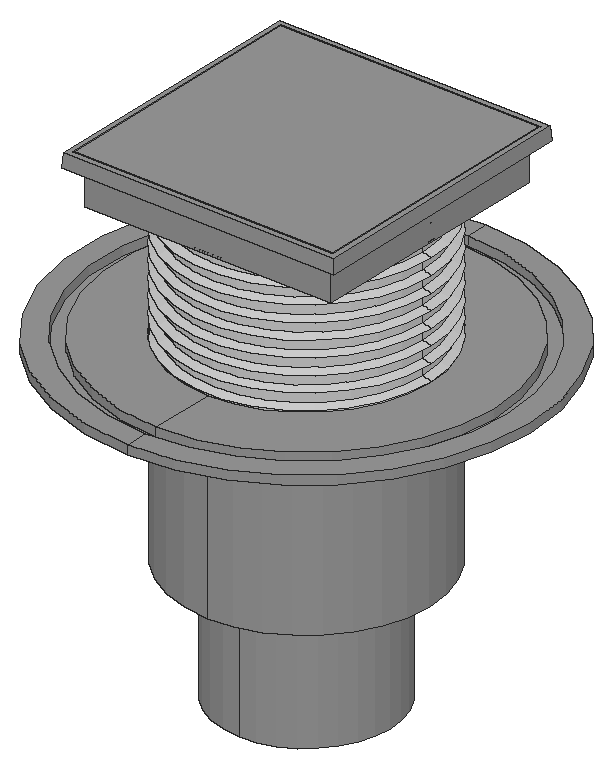
Revit family "HL_Трап для внутренних помещений_HL310N-3000", category Plumbing Fixtures, Revit 2016
Family settings
  Part Type = Normal
  Round Connector Dimension = Use Diameter
  OmniClass Number = 23.70.50.21.24.14
  OmniClass Title = Deck Waste Water Drains
  Work Plane-Based = No
  Always vertical = Yes
  Cut with Voids When Loaded = No
  Shared = Yes
  Room Calculation Point = Yes
Parameters (values of type "HL310N-3000")
  РЕШЁТКА = "115 x 115 mm / V2A"
  РАЗМЕР = "DN50/75/110"
  ПРОПУСКНАЯ СПОСОБНОСТЬ = 0.67 L/s
  ПРОИЗВОДИТЕЛЬНОСТЬ = "0,67 l/s"
  ПРАВОВАЯ ИНФОРМАЦИЯ = "Авторские права(©), права на дизайн или какие либо другие права интелектуальной собственности являются исключительной собственностью компании HL Hutterer & Lechner. Изменению не подлежит. Файл семейства с данными о прозводителе изделия защищен паролем с водяным знаком."  # constant formula
  НОМИНАЛЬНЫЙ ДИАМЕТР [instance] = 75 mm
  НАСАДКА = "10-80 mm / 121 x 121mm / PP-V2A"
  МАТЕРИАЛ = "PE"
  МАКСИМАЛЬНАЯ НАГРУЗКА КЛАССА = "K3 - 300 kg"
  ВЫСОТА МОНТАЖА = "154 mm"
  ВЕС = "0,71 [kg]"
  DN_Test [instance] = if(or(НОМИНАЛЬНЫЙ ДИАМЕТР = 50 mm, НОМИНАЛЬНЫЙ ДИАМЕТР = 75 mm, НОМИНАЛЬНЫЙ ДИАМЕТР = 110 mm), 30 mm, 0 mm)  # 30 mm
  Vent Connection = no
  Manufacturer = "HL Hutterer & Lechner GmbH"  # constant formula
  URL = "http://www.hutterer-lechner.com/ru/Products/catalog/floor-drains/attachments/HL310N-3000.aspx"
  Waste Connection = yes
  HW Connection = no
  Description = "Трап для внутренних помещений"
  Model = "HL310N-3000"
  Type Comments = "HL310N-3000 Трап для внутренних помещений DN50/75/110 вертикальный с запахозапирающим устройством, 121х121мм KLICK-KLACK /115х115мм"
  Keynote = "HL310N-3000"
  Высота монтажа [instance] = 222.396 mm
  EAN = "9003076016327"
  CW Connection = no
  B [instance] = Высота монтажа - 55 mm  # 167.396 mm
  A [instance] = if(B - 100 mm > 15 mm, B - 100 mm, 15 mm)  # 67.396 mm
Reference planes
  plane 1 "Center (Front/Back)": y = 0
  plane 2: z = 0
  plane 3 "Center (Left/Right)": x = 0
  plane 4 "Ball Joint Vertical": x = 25.45
  plane 5: z = -222.396
  plane 6: z = -167.396
Lines and regions (mm)
  model lines, style "InvisibleLines"
    curve 1: line (0, 0, 0) -> (0, 0, 1000)
  reference lines
    curve 2: line (0, 0, 0) -> (0, 0, -167.396)
  model lines, detail levels coarse+medium
    curve 3: line (0, 0, -167.396) -> (0, 0, -100)
    curve 4: line (0, 0, -100) -> (100, 0, 0)
    curve 5: line (0, 0, -100) -> (-100, 0, 0)
  symbolic lines, detail levels coarse+medium
    curve 6: line (-75, -75, 0) -> (75, -75, 0)
    curve 7: line (-75, 75, 0) -> (-75, -75, 0)
    curve 8: line (75, 75, 0) -> (-75, 75, 0)
    curve 9: line (75, -75, 0) -> (75, 75, 0)
    curve 10: line (75, 75, 0) -> (145.711, 145.711, 0)
    curve 11: line (75, -75, 0) -> (145.711, -145.711, 0)
    curve 12: line (-75, -75, 0) -> (-145.711, -145.711, 0)
    curve 13: line (-75, 75, 0) -> (-145.711, 145.711, 0)
  symbolic lines, not visible, detail levels coarse+medium
    curve 14: line (-75, -75, 0) -> (75, -75, 0)
    curve 15: line (-75, 75, 0) -> (-75, -75, 0)
    curve 16: line (75, 75, 0) -> (-75, 75, 0)
    curve 17: line (75, -75, 0) -> (75, 75, 0)
    curve 18: line (75, 75, 0) -> (145.711, 145.711, 0)
    curve 19: line (75, -75, 0) -> (145.711, -145.711, 0)
    curve 20: line (-75, -75, 0) -> (-145.711, -145.711, 0)
    curve 21: line (-75, 75, 0) -> (-145.711, 145.711, 0)
  symbolic lines, style "InvisibleLines", not visible
    curve 22: line (0, 0, 0) -> (0, 0, -30)
Text (mm)
  text "ПОЛ" at (-198.233, 0, -26.556), in view "Drain Construction View"
Dimensions and locks
  locked: plane 4 "Ball Joint Vertical" to plane 3 "Center (Left/Right)" at 25.45
  "Высота монтажа": plane 2 to plane 5
  "A": curve 5 to plane 6
  "B": curve 5 to plane 6
  "B": curve 4 to plane 6
  "B": plane 2 to plane 6
  "DN_Test": plane 2 to curve 22
  locked: curve 4 to plane 3 "Center (Left/Right)" (angle 45.00°)
  locked: plane 3 "Center (Left/Right)" to curve 5 (angle 45.00°)
  aligned and locked: level to plane 2
  aligned and locked: plane 2 to curve 1
  aligned and locked: plane 3 "Center (Left/Right)" to curve 1
  aligned and locked: plane 3 "Center (Left/Right)" to curve 2
  aligned and locked: plane 3 "Center (Left/Right)" to curve 3
  aligned and locked: plane 3 "Center (Left/Right)" to curve 5
  aligned and locked: plane 5 to nested 2
  aligned and locked: plane 2 to curve 2
  aligned and locked: plane 6 to curve 2
  aligned and locked: plane 6 to curve 3
Automatic sketch dimensions
  level to curve 1 = 1000 mm
Nested families
  nested 1: "HL_Насадка_HL3200" at (0, 0, 0), type "HL3200_Main Component"
    with Высота монтажа 80 mm, RN 13, RL 84.5 mm, R yes, NL_Test yes, NL 100 mm
  nested 2: "HL_Корпус для трапа внутренних помещений_HL310NK" at (0, 0, -78), type "HL310NK_Main Component"
  nested 3: "HL_Вкладыш сифона_HL0510.7EKK" at (0, 0, -6.3), type "HL0510.7EKK_Main Component"
  nested 4: "HL_Решётка_HL037Pr.1E" at (0, 0, 0), type "HL037Pr.1E_Main Component"
Connectors
  piping at (0, 0, -167.396), diameter 75, driven by "ПРОПУСКНАЯ СПОСОБНОСТЬ", driven by "НОМИНАЛЬНЫЙ ДИАМЕТР"
    settings: on curve 2, index 1, connector inside diameter 609.6 mm, connector length 0 mm, flow factor 0, pipe flow 0.67 L/s, pressure drop 0.0 Pa, fitting loss kfactor 0, connector angle 0.00°, fixture units 0, engagement length 0 mm, angle of deflection 0.00°, flow configuration 1, flow direction 2, fitting loss method 0, system type 16, joint type 0, gender type 0, connector reference index -1, connector utility 0, adjustable connector no, is connector primary yes, connector description ""
Definition of nested family "HL_Насадка_HL3200"
  Parameters (values of type "HL3200")
    РАЗМЕР = "d 110 mm"
    ПРАВОВАЯ ИНФОРМАЦИЯ = "Авторские права(©), права на дизайн или какие либо другие права интелектуальной собственности являются исключительной собственностью компании HL Hutterer & Lechner. Изменению не подлежит. Файл семейства с данными о прозводителе изделия защищен паролем с водяным знаком."  # constant formula
    НАСАДКА = "121 x 121 mm"
    МАТЕРИАЛ = "PP-V2A"
    Высота монтажа [instance] = 80 mm
    ВЫСОТА МОНТАЖА = "10 - 80 mm"
    ВЕС = "0,13 [kg]"
    Waste Connection = yes
    Vent Connection = no
    RD = 6.5 mm  # constant formula
    R [instance] = ((Высота монтажа - NL_Min) / RD - 1) > 2  # yes
    RL [instance] = if(Высота монтажа < 26 mm, 1 mm, RD * RN)  # 84.5 mm
    NL_Test [instance] = and(or(Высота монтажа < NL_Max, Высота монтажа = NL_Max), or(Высота монтажа > NL_Min, Высота монтажа = NL_Min))  # yes
    NL_Min = 10 mm
    NL_Max = 80 mm
    NL [instance] = if(NL_Test, Высота монтажа + 20 mm, 0 mm)  # 100 mm
    RN [instance] = if((Высота монтажа + 20 mm - NL_Min) / RD - 1 < 2, 2, (Высота монтажа + 20 mm - NL_Min) / RD - 1)  # 13
    Manufacturer = "HL Hutterer & Lechner GmbH"  # constant formula
    URL = "http://www.hutterer-lechner.com/ru/Products/catalog/floor-drains/attachments/HL3200.aspx"
    HW Connection = no
    Description = "Трапы для внутренних помещений - Комплектующие"
    Model = "HL3200"
    Type Comments = "HL3200 Насадные подрамники d 110/подрамники из нержавеющей стали (V2A) 121х121мм с О-кольцом. Система \"KLICK-KLACK\""
    Keynote = "HL3200"
    EAN = "9003076015399"
    CW Connection = no
  Reference planes
    plane 1 "Center (Front/Back)": y = 0
    plane 2: z = 0
    plane 3 "Center (Left/Right)": x = 0
    plane 4 "Ball Joint Vertical": x = 25.45
    plane 5: z = -100
  Forms (mm)
    Sweep 1, solid, detail levels fine
      path origin (0, 0, 0) x (1, 0, 0) y (0, 1, 0)
        loop
          line (-60.806, 60.806) -> (-60.806, -60.806) -> (60.806, -60.806) -> (60.806, 60.806) -> (-60.806, 60.806)
      profile origin (0, 60.806, 0) x (0, 1, 0) y (0, 0, 1)
        loop
          line (-2.806, 0) -> (-2.806, -5.3) -> (-6.306, -5.3) -> (-6.306, -8.3) -> (-9.767, -8.3) -> (-9.767, -21.997) -> (-5.806, -21.997) -> (-5.806, -6) -> (0, -6) -> (-0.525, 0) -> (-2.806, 0)
    Extrusion 2, solid, detail levels fine
      sketch origin (0, 0, 0) x (1, 0, 0) y (0, 1, 0)
        loop
          circle (0, 0) r 50
        loop
          line (-51.039, 51.039) -> (-51.039, -51.039) -> (51.039, -51.039) -> (51.039, 51.039) -> (-51.039, 51.039)
      from -19 to -21.997
    Revolve 3, solid, detail levels fine
      sketch origin (0, 0, 0) x (1, 0, 0) y (0, 0, 1)
        loop
          line (50, -21.997) -> (50, -100) -> (51.861, -100) -> (51.861, -21.997) -> (50, -21.997)
        axis (0, -21.997) -> (0, -100)
      angle from 0 to 360
  Lines and regions (mm)
    symbolic lines
      curve 1: line (0, 0, -100) -> (0, 0, 0)
    model lines
      curve 2: line (0, 0, 0) -> (0, 0, 100)
  Text (mm)
    text "ROOF/FLOOR" at (-198.233, 0, -26.556), in view "Drain Construction View"
  Dimensions and locks
    locked: plane 4 "Ball Joint Vertical" to plane 3 "Center (Left/Right)" at 25.45
    "NL": plane 2 to plane 5
    equal spacing: group 1, group 3, group 4, group 5, group 6, group 7, group 8, group 9, group 10, group 11, group 12, group 13, group 2  (x3)
    "RL": nested 2 to nested 1
    locked: nested 1 to plane 5 at 1.516
    aligned and locked: level to plane 2
    aligned and locked: plane 3 "Center (Left/Right)" to nested 1
    aligned and locked: plane 1 "Center (Front/Back)" to nested 1
    aligned and locked: plane 2 to curve 1
    aligned and locked: plane 5 to curve 1
    aligned and locked: Sweep 1 to Revolve 3 sketch curve
    aligned and locked: plane 5 to Revolve 3 sketch curve
  Automatic sketch dimensions
    Sweep 1 sketch curve to plane 3 "Center (Left/Right)" = 60.806 mm
    plane 4 "Ball Joint Vertical" to Sweep 1 sketch curve = 35.356 mm
    plane 1 "Center (Front/Back)" to Sweep 1 sketch curve = 60.806 mm
    Sweep 1 sketch curve to plane 1 "Center (Front/Back)" = 60.806 mm
    Sweep 1 sketch curve to profile plane = 0 mm  (x2)
    profile plane to Sweep 1 sketch curve = 0.525 mm
    Sweep 1 sketch curve to Sweep 1 sketch curve = 2.281 mm
    Sweep 1 sketch curve to Sweep 1 sketch curve = 3 mm  (x2)
    Sweep 1 sketch curve to Sweep 1 sketch curve = 0.5 mm
    Sweep 1 sketch curve to Sweep 1 sketch curve = 3.461 mm
    Sweep 1 sketch curve to profile plane = 5.3 mm
    Sweep 1 sketch curve to Sweep 1 sketch curve = 0.7 mm
    Sweep 1 sketch curve to Sweep 1 sketch curve = 13.697 mm
    plane 1 "Center (Front/Back)" to Extrusion 2 sketch curve = 0 mm
    Extrusion 2 sketch curve to plane 3 "Center (Left/Right)" = 0 mm
    Extrusion 2 sketch curve to plane 3 "Center (Left/Right)" = 51.039 mm
    plane 4 "Ball Joint Vertical" to Extrusion 2 sketch curve = 25.589 mm
    plane 1 "Center (Front/Back)" to Extrusion 2 sketch curve = 51.039 mm
    Extrusion 2 sketch curve to plane 1 "Center (Front/Back)" = 51.039 mm
    Revolve 3 sketch curve to plane 3 "Center (Left/Right)" = 0 mm
    plane 4 "Ball Joint Vertical" to Revolve 3 sketch curve = 24.55 mm
    Revolve 3 sketch curve to Revolve 3 sketch curve = 1.861 mm
    Revolve 3 sketch curve to level = 13.456 mm
    level to Revolve 3 sketch curve = 16.544 mm
    curve 2 to plane 3 "Center (Left/Right)" = 0 mm
    level to curve 2 = 100 mm
    radius of Extrusion 2 sketch curve = 50 mm
  Nested families
    nested 1: "Ring" at (0, 0, -98.484), visible <- "R", type "Ring"
    nested 2: "Ring" at (0, 0, -13.984), visible <- "R", type "Ring"
    nested 3: "Ring" at (0, 0, -91.442), visible <- "R", type "Ring"
    nested 4: "Ring" at (0, 0, -84.401), visible <- "R", type "Ring"
    nested 5: "Ring" at (0, 0, -77.359), visible <- "R", type "Ring"
    nested 6: "Ring" at (0, 0, -70.317), visible <- "R", type "Ring"
    nested 7: "Ring" at (0, 0, -63.276), visible <- "R", type "Ring"
    nested 8: "Ring" at (0, 0, -56.234), visible <- "R", type "Ring"
    nested 9: "Ring" at (0, 0, -49.192), visible <- "R", type "Ring"
    nested 10: "Ring" at (0, 0, -42.151), visible <- "R", type "Ring"
    nested 11: "Ring" at (0, 0, -35.109), visible <- "R", type "Ring"
    nested 12: "Ring" at (0, 0, -28.067), visible <- "R", type "Ring"
    nested 13: "Ring" at (0, 0, -21.026), visible <- "R", type "Ring"
  Definition of nested family "Ring"
    Parameters (values of type "Ring")
      Manufacturer = ""
      URL = ""
      R = D / 2  # 51.5 mm
      Description = ""
      Model = ""
      Material = none
      Type Comments = ""
      D = 103 mm
      Cost = 0
    Reference planes
      plane 1 "Střed (vpředu/vzadu)": y = 0
      plane 2: z = 0
      plane 3 "Střed (vlevo/vpravo)": x = 0
    Forms (mm)
      Revolve 1, solid, material <- "Material", detail levels fine
        sketch origin (0, 0, 0) x (1, 0, 0) y (0, 0, 1)
          loop
            line (-51.5, 1.482) -> (-54.764, 0) -> (-51.5, -1.516) -> (-51.5, 1.482)
          axis (0, 1.482) -> (0, -1.516)
        angle from 0 to 360
    Dimensions and locks
      "R": Revolve 1 sketch curve to plane 3 "Střed (vlevo/vpravo)"
      aligned and locked: level to plane 2
      aligned and locked: Revolve 1 sketch curve to plane 3 "Střed (vlevo/vpravo)"
    Automatic sketch dimensions
      Revolve 1 sketch curve to level = 0 mm
      Revolve 1 sketch curve to Revolve 1 sketch curve = 3.264 mm
      Revolve 1 sketch curve to level = 1.516 mm
      level to Revolve 1 sketch curve = 1.482 mm
      Revolve 1 sketch curve to level = 381 mm
      Revolve 1 sketch curve to Revolve 1 sketch curve = 2212.833 mm
Definition of nested family "HL_Корпус для трапа внутренних помещений_HL310NK"
  Parameters (values of type "HL310NK")
    РАЗМЕР = "DN50/75/110"
    ПРАВОВАЯ ИНФОРМАЦИЯ = "Авторские права(©), права на дизайн или какие либо другие права интелектуальной собственности являются исключительной собственностью компании HL Hutterer & Lechner. Изменению не подлежит. Файл семейства с данными о прозводителе изделия защищен паролем с водяным знаком."  # constant formula
    МАТЕРИАЛ = "PE"
    ВЫСОТА МОНТАЖА = "144 mm"
    ВЕС = "0,23 [kg]"
    Waste Connection = yes
    Vent Connection = no
    Manufacturer = "HL Hutterer & Lechner GmbH"  # constant formula
    URL = "http://www.hutterer-lechner.com/ru/products/catalog/floor-drains/attachments/HL310nk.aspx"
    HW Connection = no
    Description = "Трапы для внутренних помещений - Комплектующие"
    Model = "HL310NK"
    Type Comments = "HL310NK пус трапа для внутренних помещений DN50/75/110 вертикальный"
    Keynote = "HL310NK"
    EAN = "9003076008674"
    CW Connection = no
  Reference planes
    plane 1 "Center (Front/Back)": y = 0
    plane 2: z = 0
    plane 3 "Center (Left/Right)": x = 0
    plane 4 "Ball Joint Vertical": x = 25.45
  Forms (mm)
    Revolve 1, solid, detail levels fine
      sketch origin (0, 0, 0) x (0, 1, 0) y (0, 0, 1)
        loop
          line (55.35, 0) -> (55.35, -22) -> (52, -22) -> (52, -86.396) -> (20, -86.396) -> (20, -88.396) -> (22, -88.396) -> (22, -89.396) -> (22, -144.396) -> (25, -144.396) -> (25, -89.396) -> (34.5, -89.396) -> (34.5, -144.396) -> (37.5, -144.396) -> (37.5, -89.396) -> (55, -89.396) -> (55, -27) -> (58.349, -27) -> (58.349, -7.5) -> (93, -7.5) -> (93, -4) -> (100, -4) -> (100, 0) -> (90, 0) -> (90, -4) -> (84, -4) -> (84, 0) -> (55.35, 0)
        axis (0, 0) -> (0, -144.396)
      angle from 0 to 360
  Text (mm)
    text "ROOF/FLOOR" at (-198.233, 0, -26.556), in view "Drain Construction View"
  Dimensions and locks
    locked: plane 4 "Ball Joint Vertical" to plane 3 "Center (Left/Right)" at 25.45
    aligned and locked: level to plane 2
Definition of nested family "HL_Вкладыш сифона_HL0510.7EKK"
  Parameters (values of type "HL0510.7EKK")
    ПРАВОВАЯ ИНФОРМАЦИЯ = "Авторские права(©), права на дизайн или какие либо другие права интелектуальной собственности являются исключительной собственностью компании HL Hutterer & Lechner. Изменению не подлежит. Файл семейства с данными о прозводителе изделия защищен паролем с водяным знаком."  # constant formula
    МАТЕРИАЛ = "PP"
    ВЕС = "0,08 [kg]"
    Waste Connection = yes
    Vent Connection = no
    Manufacturer = "HL Hutterer & Lechner GmbH"  # constant formula
    URL = "http://www.hutterer-lechner.com/ru/products/catalog/floor-drains/attachments/HL0510.7ekk.aspx"
    HW Connection = no
    Description = "Трапы для внутренних помещений - Комплектующие"
    Model = "HL0510.7EKK"
    Type Comments = "HL0510.7EKK Вкладыш запахозапирающий комплектный для системы \"KLICK-KLACK\""
    Keynote = "HL0510.7EKK"
    EAN = "9003076015832"
    CW Connection = no
  Reference planes
    plane 1 "Center (Front/Back)": y = 0
    plane 2: z = 0
    plane 3 "Center (Left/Right)": x = 0
    plane 4 "Ball Joint Vertical": x = 25.45
  Forms (mm)
    Revolve 1, solid, detail levels fine
      sketch origin (0, 0, 0) x (0, 1, 0) y (0, 0, 1)
        loop
          line (53, 0) -> (45, 0) -> (45, -26.014) -> (43.906, -33.62) -> (43.1, -33.62) -> (43.1, -68.2) -> (20, -68.2) -> (20, -11) -> (18.2, -11) -> (18.2, -70) -> (45, -70) -> (45, -36) -> (48.9, -36) -> (48.9, -14) -> (49.7, -14) -> (49.7, -2) -> (53, -2) -> (53, 0)
        loop
          line (36.005, -61) -> (36.005, -2)
          arc (36.005, -2) -> (35.419, -0.586) -> (34.005, 0) r 2
          line (34.005, 0) -> (0, 0) -> (0, -1.8) -> (34.207, -1.8) -> (34.207, -61) -> (36.005, -61)
        axis (0, 0) -> (0, -70)
      angle from 0 to 360
    Extrusion 2, solid, detail levels fine
      sketch origin (0, 0, 0) x (1, 0, 0) y (0, 1, 0)
        loop
          line (4, 23) -> (-4, 23) -> (-4, 5.7) -> (-24.1, 5.7) -> (-24.1, -5.7) -> (-4, -5.7) -> (-4, -23) -> (4, -23) -> (4, -5.7) -> (24.1, -5.7) -> (24.1, 5.7) -> (4, 5.7) -> (4, 23)
      from -82.5 to -81
    Extrusion 3, solid, detail levels fine
      sketch origin (0, 0, 0) x (1, 0, 0) y (0, 1, 0)
        loop
          line (-18.9, 5.7) -> (-24.1, 5.7) -> (-24.1, -5.7) -> (-18.9, -5.7) -> (-18.9, 5.7)
        loop
          line (18.9, 5.7) -> (18.9, -5.7) -> (24.1, -5.7) -> (24.1, 5.7) -> (18.9, 5.7)
      from -81 to -70
    Revolve 4, solid, detail levels fine
      sketch origin (0, 0, 0) x (0, 1, 0) y (0, 0, 1)
        loop
          line (49.7, -6.568) -> (49.7, -11.432)
          arc (49.7, -11.432) -> (51.625, -9) -> (49.7, -6.568) r 2.498
        axis (0, -6.568) -> (0, -11.432)
      angle from 0 to 360
  Cuts and joins
    joined: Revolve 1, Extrusion 2, Extrusion 3
  Text (mm)
    text "ROOF/FLOOR" at (-198.233, 0, -26.556), in view "Drain Construction View"
  Dimensions and locks
    locked: plane 4 "Ball Joint Vertical" to plane 3 "Center (Left/Right)" at 25.45
    aligned and locked: level to plane 2
Definition of nested family "HL_Решётка_HL037Pr.1E"
  Parameters (values of type "HL037Pr.1E")
    РАЗМЕР = "115x115mm"
    ПРАВОВАЯ ИНФОРМАЦИЯ = "Авторские права(©), права на дизайн или какие либо другие права интелектуальной собственности являются исключительной собственностью компании HL Hutterer & Lechner. Изменению не подлежит. Файл семейства с данными о прозводителе изделия защищен паролем с водяным знаком."  # constant formula
    МАТЕРИАЛ = "V2A"
    МАКСИМАЛЬНАЯ НАГРУЗКА КЛАССА = "K3 - 300 kg"
    ВЕС = "0,15 [kg]"
    Waste Connection = yes
    Vent Connection = no
    Manufacturer = "HL Hutterer & Lechner GmbH"  # constant formula
    URL = "http://www.hutterer-lechner.com/ru/products/catalog/floor-drains/attachments/HL037pr.1e.aspx"
    HW Connection = no
    Description = "Трапы для внутренних помещений - Комплектующие"
    Model = "HL037Pr.1E"
    Type Comments = "HL037Pr.1E Решётка из нержавеющей стали 115х115 мм"
    Keynote = "HL037Pr.1E"
    EAN = "9003076028474"
    CW Connection = no
  Reference planes
    plane 1 "Center (Front/Back)": y = 0
    plane 2: z = 0
    plane 3 "Center (Left/Right)": x = 0
    plane 4 "Ball Joint Vertical": x = 25.45
  Forms (mm)
    Extrusion 1, solid, detail levels fine
      sketch origin (0, 0, 0) x (1, 0, 0) y (0, 1, 0)
        loop
          line (57.5, 57.5) -> (-57.5, 57.5) -> (-57.5, -57.5) -> (57.5, -57.5) -> (57.5, 57.5)
      from 0 to -5
  Lines and regions (mm)
    model lines, detail levels fine
      curve 1: spline (-13.927, 0, 0) -> (-13.452, 1.165, 0) -> (-12.061, 2.25, 0) -> (-9.848, 3.182, 0) -> (-6.964, 3.897, 0) -> (-3.605, 4.347, 0) -> (0, 4.5, 0) -> (3.605, 4.347, 0) -> (6.964, 3.897, 0) -> (9.848, 3.182, 0) -> (12.061, 2.25, 0) -> (13.452, 1.165, 0) -> (13.927, 0, 0) -> (13.452, -1.165, 0) -> (12.061, -2.25, 0) -> (9.848, -3.182, 0) -> (6.964, -3.897, 0) -> (3.605, -4.347, 0) -> (0, -4.5, 0) -> (-3.605, -4.347, 0) -> (-6.964, -3.897, 0) -> (-9.848, -3.182, 0) -> (-12.061, -2.25, 0) -> (-13.452, -1.165, 0) -> (-13.927, 0, 0)
      curve 2: line (-5.9, 0.4, 0) -> (-11.9, 0.4, 0)
      curve 3: line (-3.65, -2, 0) -> (-3.65, 2, 0)
      curve 4: arc (-3.65, 2, 0) -> (-3.15, 2.5, 0) -> (-2.65, 2, 0) r 0.5
      curve 5: line (-2.65, 2, 0) -> (-2.65, 0.5, 0)
      curve 6: line (-2.65, 0.5, 0) -> (-0.65, 0.5, 0)
      curve 7: line (-0.65, 0.5, 0) -> (-0.65, 2, 0)
      curve 8: arc (-0.65, 2, 0) -> (-0.15, 2.5, 0) -> (0.35, 2, 0) r 0.5
      curve 9: line (0.35, 2, 0) -> (0.35, -2, 0)
      curve 10: arc (0.35, -2, 0) -> (-0.15, -2.5, 0) -> (-0.65, -2, 0) r 0.5
      curve 11: line (-0.65, -2, 0) -> (-0.65, -0.5, 0)
      curve 12: line (-0.65, -0.5, 0) -> (-2.65, -0.5, 0)
      curve 13: line (-2.65, -0.5, 0) -> (-2.65, -2, 0)
      curve 14: arc (-2.65, -2, 0) -> (-3.15, -2.5, 0) -> (-3.65, -2, 0) r 0.5
      curve 15: line (1.85, -2, 0) -> (1.85, 2, 0)
      curve 16: arc (1.85, 2, 0) -> (1.996, 2.354, 0) -> (2.35, 2.5, 0) r 0.5
      curve 17: arc (2.35, 2.5, 0) -> (2.704, 2.354, 0) -> (2.85, 2, 0) r 0.5
      curve 18: line (2.85, 2, 0) -> (2.85, -1, 0)
      curve 19: arc (2.85, -1, 0) -> (2.996, -1.354, 0) -> (3.35, -1.5, 0) r 0.5
      curve 20: line (3.35, -1.5, 0) -> (4.35, -1.5, 0)
      curve 21: arc (4.35, -1.5, 0) -> (4.85, -2, 0) -> (4.35, -2.5, 0) r 0.5
      curve 22: line (4.35, -2.5, 0) -> (2.35, -2.5, 0)
      curve 23: arc (2.35, -2.5, 0) -> (1.996, -2.354, 0) -> (1.85, -2, 0) r 0.5
      curve 24: line (12.1, 0.4, 0) -> (6.1, 0.4, 0)
      curve 25: line (-5.9, -0.4, 0) -> (-11.9, -0.4, 0)
      curve 26: line (12.1, -0.4, 0) -> (6.1, -0.4, 0)
      curve 27: line (-5.9, 0.4, 0) -> (-5.9, -0.4, 0)
      curve 28: line (-11.9, 0.4, 0) -> (-11.9, -0.4, 0)
      curve 29: line (6.1, 0.4, 0) -> (6.1, -0.4, 0)
      curve 30: line (12.1, 0.4, 0) -> (12.1, -0.4, 0)
      curve 31: arc (38.029, -24.059, 0) -> (45, 0, 0) -> (38.029, 24.059, 0) r 45
      curve 32: arc (38.029, 24.059, 0) -> (35.09, 25.896, 0) -> (31.82, 24.749, 0) r 4
      curve 33: arc (31.82, 24.749, 0) -> (30.673, 22.362, 0) -> (31.268, 19.782, 0) r 4
      curve 34: arc (31.268, 19.782, 0) -> (37, 0, 0) -> (31.268, -19.782, 0) r 37
      curve 35: arc (31.268, -19.782, 0) -> (30.673, -22.362, 0) -> (31.82, -24.749, 0) r 4
      curve 36: arc (31.82, -24.749, 0) -> (35.09, -25.896, 0) -> (38.029, -24.059, 0) r 4
      curve 37: arc (24.059, 38.029, 0) -> (0, 45, 0) -> (-24.059, 38.029, 0) r 45
      curve 38: arc (-24.059, 38.029, 0) -> (-25.896, 35.09, 0) -> (-24.749, 31.82, 0) r 4
      curve 39: arc (-24.749, 31.82, 0) -> (-22.362, 30.673, 0) -> (-19.782, 31.268, 0) r 4
      curve 40: arc (-19.782, 31.268, 0) -> (0, 37, 0) -> (19.782, 31.268, 0) r 37
      curve 41: arc (19.782, 31.268, 0) -> (22.362, 30.673, 0) -> (24.749, 31.82, 0) r 4
      curve 42: arc (24.749, 31.82, 0) -> (25.896, 35.09, 0) -> (24.059, 38.029, 0) r 4
      curve 43: arc (24.059, -38.029, 0) -> (0, -45, 0) -> (-24.059, -38.029, 0) r 45
      curve 44: arc (-24.059, -38.029, 0) -> (-25.896, -35.09, 0) -> (-24.749, -31.82, 0) r 4
      curve 45: arc (-24.749, -31.82, 0) -> (-22.362, -30.673, 0) -> (-19.782, -31.268, 0) r 4
      curve 46: arc (-19.782, -31.268, 0) -> (0, -37, 0) -> (19.782, -31.268, 0) r 37
      curve 47: arc (19.782, -31.268, 0) -> (22.362, -30.673, 0) -> (24.749, -31.82, 0) r 4
      curve 48: arc (24.749, -31.82, 0) -> (25.896, -35.09, 0) -> (24.059, -38.029, 0) r 4
      curve 49: arc (-38.029, -24.059, 0) -> (-45, 0, 0) -> (-38.029, 24.059, 0) r 45
      curve 50: arc (-38.029, 24.059, 0) -> (-35.09, 25.896, 0) -> (-31.82, 24.749, 0) r 4
      curve 51: arc (-31.82, 24.749, 0) -> (-30.673, 22.362, 0) -> (-31.268, 19.782, 0) r 4
      curve 52: arc (-31.268, 19.782, 0) -> (-37, 0, 0) -> (-31.268, -19.782, 0) r 37
      curve 53: arc (-31.268, -19.782, 0) -> (-30.673, -22.362, 0) -> (-31.82, -24.749, 0) r 4
      curve 54: arc (-31.82, -24.749, 0) -> (-35.09, -25.896, 0) -> (-38.029, -24.059, 0) r 4
    model lines
      curve 55: line (0, 0, 0) -> (0, 0, 100)
  Text (mm)
    text "ROOF/FLOOR" at (-198.233, 0, -26.556), in view "Drain Construction View"
  Dimensions and locks
    locked: plane 4 "Ball Joint Vertical" to plane 3 "Center (Left/Right)" at 25.45
    aligned and locked: level to plane 2
